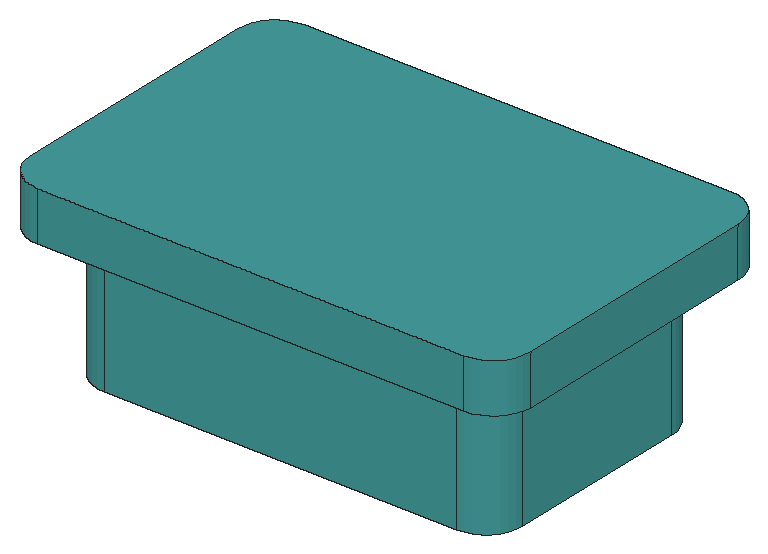
Revit family "HVAC_HangingSystems_Walraven_BIS_Rail_End_Cap", category Mechanical Equipment, Revit 2016
Family settings
  Part Type = Normal
  Round Connector Dimension = Use Diameter
  OmniClass Number = 23.60.30.11.17
  OmniClass Title = Pipework/Ductwork Mechanical Fasteners/Supports
  Work Plane-Based = Yes
  Always vertical = No
  Cut with Voids When Loaded = No
  Shared = No
  Room Calculation Point = No
Parameters (values of type "WM0 (27x18mm)")
  visibility WM35 [instance] = or(type_index = 3)  # no
  visibility WMx [instance] = not(type_index = 3)  # yes
  type_index = 4
  region_index = 1
  r [instance] = 2 mm  # constant formula
  product_index [instance] = if(type_index = 1, 1, if(type_index = 2, 2, if(type_index = 3, 3, 0)))  # 0
  lookup_table_name [instance] = "BIS Rail End Cap"  # constant formula
  desc_uk [instance] = size_lookup("BIS Rail End Cap name", "", "0", type_index, 1)  # "BIS Rail End Cap WM0 (27x18mm)"
  desc_nl [instance] = size_lookup("BIS Rail End Cap name", "", "0", type_index, 2)  # "BIS Raileinddop WM0 (27x18mm)"
  Youtube clip = ""
  Weight Net (Kg) = "0"
  Uniformat II Description = ""
  Uniformat II Code = ""
  Uniclass 2015 Name = ""
  Uniclass 2015 Code = ""
  Uniclass 2.0 Description = ""
  Uniclass 2.0 Code = ""
  Uniclass 1.4 Description = ""
  Uniclass 1.4 Code = ""
  URL = "https://www.walraven.com/en/?pid=285"
  UNSPSC Code = ""
  Technical description = "https://library.walraven.com/repository/rnd/documents/EN-UK/BIS%20Rail%20End%20Cap%20-%20G%2045%2005%20(EN-UK).pdf"
  Region South America = "None"
  Region Oceania = "AU"
  Region North America = "US"
  Region Middle East = "AE, OM, QA, SA"
  Region Europe = "BE, CZ, DE, DK, ES, FR, GB, HR, HU, LT, LV, NL, PL, RO, RU, SE, SK, UA"
  Region Asia = "CN, IN"
  Region Antarctica = "None"
  Region Africa = "ZA"
  RSen_S_net_weight [instance] = size_lookup(lookup_table_name, "weight", 0, type_index) * 1.00 kg  # 0.0055 kg
  RSen_C_product_description [instance] = if(region_index = 1, desc_uk, if(region_index = 2, desc_nl, "0"))  # "BIS Rail End Cap WM0 (27x18mm)"
  RSen_C_level_of_development = "LOD400"  # constant formula
  RSen_C_material_colour = "green"  # constant formula
  RSen_C_material_finish = "-"  # constant formula
  RSen_C_material = polyethylene (PE)
  RSen_C_length [instance] = size_lookup(lookup_table_name, "l", 0 mm, type_index)  # 27 mm
  RSen_C_content_releasedate = "22-02-2018"  # constant formula
  RSen_C_content_modification_date = "15-01-2019"  # constant formula
  RSen_C_content_creator = "Itannex bv"  # constant formula
  RSen_C_code_gtin [instance] = ""
  RSen_C_code_manufacturer_product [instance] = size_lookup(lookup_table_name, "", "0", type_index)  # "6566000"
  RSen_C_code_manufacturer_gln = ""
  RSen_C_code_ETIM_url = "https://prod.etim-international.com/Class/Details?classId=EC000475&classVersion=7"
  RSen_C_code_ETIM = "EC000475"  # constant formula
  RSen_C_intended_use = "hanging systems"  # constant formula
  RSen_C_certificates = "N/A"  # constant formula
  RSen_C_width [instance] = size_lookup(lookup_table_name, "b", 0 mm, type_index)  # 18 mm
  QR code = "http://bimobject.com/walraven/product/bis-rail-end-cap"
  Product url = "https://www.walraven.com/en/?pid=285"
  Product group = "End Caps"
  Product family = "Rail Systems"
  Product data url = "https://bimobject.com/walraven/product/bis-rail-end-cap"
  Product certification = ""
  Product SKU = "bis-rail-end-cap"
  Product Guid = "bbd2fa3c-0bff-439e-94bb-7e42f8bab402"
  OmniClass Description = "Mechanical Pipe Supports"
  OmniClass Code = "23-27 43 13"
  Nominal width = 0 mm
  Nominal height = 0 mm
  NBS Reference Description = ""
  NBS Reference Code = ""
  Model = "BIS Rail End Cap"  # constant formula
  Material secondary = ""
  Material main = "Polyethylene"
  Masterformat 2014 Description = ""
  Masterformat 2014 Code = ""
  Manufacturer name = "Walraven"
  Manufacturer country = "Netherlands"
  Manufacturer = "Walraven"  # constant formula
  IsCustom [instance] = 0 = 1  # no
  Installation instructions = ""
  IfcExportType = "USERDEFINED"  # constant formula
  IfcExportAs = "IfcMechanicalFastenerType"  # constant formula
  IfcDescription = Description  # "rail end cap"
  IFC Classification = "Mechanical Fastener"
  GTIN code = ""
  Edition number = 0
  Design country = "Netherlands"
  Description = "rail end cap"  # constant formula
  Default Elevation = 1219.2 mm
  Date of publishing = "7/20/2018"
  COBIe Type Category = ""
  Brand url = "https://www.walraven.com"
  BIMobject main category code = "hvac"
  BIMobject main category = "HVAC"
  BIMobject category code = "hvac-hanging-systems"
  BIMobject category = "Hanging Systems"
  Assembly Code = "50"
Types (6, lengths in mm): name | visibility WM35 | visibility WMx | type_index | product_index | desc_uk | desc_nl | RSen_S_net_weight | RSen_C_product_description | RSen_C_length | RSen_C_code_manufacturer_product | RSen_C_width
  WM35 (38x40mm) | yes | no | 3 | 3 | "BIS Rail End Cap WM35 (38x40mm)" | "BIS Raileinddop WM35 (38x40mm)" | 0.008 kg | "BIS Rail End Cap WM35 (38x40mm)" | 38 | "6566035" | 40
  WM2 (30x30mm) | no | yes | 2 | 2 | "BIS Rail End Cap WM2 (30x30mm)" | "BIS Raileinddop WM2 (30x30mm)" | 0.006 kg | "BIS Rail End Cap WM2 (30x30mm)" | 30 | "6566002" | 30
  WM1 (30x15mm) | no | yes | 1 | 1 | "BIS Rail End Cap WM1 (30x15mm)" | "BIS Raileinddop WM1 (30x15mm)" | 0.0025 kg | "BIS Rail End Cap WM1 (30x15mm)" | 30 | "6566001" | 15
  WM0 (27x18mm) | no | yes | 4 | 0 | "BIS Rail End Cap WM0 (27x18mm)" | "BIS Raileinddop WM0 (27x18mm)" | 0.0055 kg | "BIS Rail End Cap WM0 (27x18mm)" | 27 | "6566000" | 18
  WM30 (30x45mm) | no | yes | 5 | 0 | "BIS Rail End Cap WM30 (30x45mm)" | "BIS Raileinddop WM30 (30x45mm)" | 0.0081 kg | "BIS Rail End Cap WM30 (30x45mm)" | 45 | "6566030" | 30
  WM15 (30x20mm) | no | yes | 6 | 0 | "BIS Rail End Cap WM15 (30x20mm)" | "BIS Raileinddop WM15 (30x20mm)" | 0.0055 kg | "BIS Rail End Cap WM15 (30x20mm)" | 27 | "6566000" | 18
Reference planes
  plane 1 "Center (Front/Back)": y = 0
  plane 2: z = 0
  plane 3 "Center (Left/Right)": x = 0
  plane 4: z = 2.685
  plane 5: z = -7.315
  plane 6: y = 15
  plane 7: y = 30
  plane 8: y = 13
  plane 9: x = -19
  plane 10: x = 19
  plane 11: y = 40
  plane 12: x = -17
  plane 13: x = 17
  plane 14: y = 38
Forms (mm)
  Extrusion 1, solid, material "polyethylene (PE)" <- "RSen_C_material", visible <- "visibility WMx", detail levels medium+fine
    sketch origin (0, 0, 0) x (1, 0, 0) y (0, 1, 0)
      loop
        arc (-11.5, 18) -> (-12.914, 17.414) -> (-13.5, 16) r 2
        line (-13.5, 16) -> (-13.5, 2)
        arc (-13.5, 2) -> (-12.914, 0.586) -> (-11.5, 0) r 2
        line (-11.5, 0) -> (11.5, 0)
        arc (11.5, 0) -> (12.914, 0.586) -> (13.5, 2) r 2
        line (13.5, 2) -> (13.5, 16)
        arc (13.5, 16) -> (12.914, 17.414) -> (11.5, 18) r 2
        line (11.5, 18) -> (-11.5, 18)
    from 2.685 to 0
  Extrusion 2, solid, material "polyethylene (PE)" <- "RSen_C_material", visible <- "visibility WMx", detail levels medium+fine
    sketch origin (0, 0, -8) x (0, -1, 0) y (1, 0, 0)
      loop
        line (-14, -11.5) -> (-4, -11.5)
        arc (-4, -11.5) -> (-2.586, -10.914) -> (-2, -9.5) r 2
        line (-2, -9.5) -> (-2, 9.5)
        arc (-2, 9.5) -> (-2.586, 10.914) -> (-4, 11.5) r 2
        line (-4, 11.5) -> (-14, 11.5)
        arc (-14, 11.5) -> (-15.414, 10.914) -> (-16, 9.5) r 2
        line (-16, 9.5) -> (-16, -9.5)
        arc (-16, -9.5) -> (-15.414, -10.914) -> (-14, -11.5) r 2
    from 0.685 to 8
  Extrusion 3, solid, material "polyethylene (PE)" <- "RSen_C_material", visible <- "visibility WM35", detail levels medium+fine
    sketch origin (0, 0, 0) x (1, 0, 0) y (0, 1, 0)
      loop
        line (-15, 37) -> (-15, 33)
        arc (-15, 33) -> (-15.293, 32.293) -> (-16, 32) r 1
        arc (-16, 32) -> (-18.121, 31.121) -> (-19, 29) r 3
        line (-19, 29) -> (-19, 11)
        arc (-19, 11) -> (-18.121, 8.879) -> (-16, 8) r 3
        arc (-16, 8) -> (-15.293, 7.707) -> (-15, 7) r 1
        line (-15, 7) -> (-15, 3)
        arc (-15, 3) -> (-14.121, 0.879) -> (-12, 0) r 3
        line (-12, 0) -> (12, 0)
        arc (12, 0) -> (14.121, 0.879) -> (15, 3) r 3
        line (15, 3) -> (15, 7)
        arc (15, 7) -> (15.293, 7.707) -> (16, 8) r 1
        arc (16, 8) -> (18.121, 8.879) -> (19, 11) r 3
        line (19, 11) -> (19, 29)
        arc (19, 29) -> (18.121, 31.121) -> (16, 32) r 3
        arc (16, 32) -> (15.293, 32.293) -> (15, 33) r 1
        line (15, 33) -> (15, 37)
        arc (15, 37) -> (14.121, 39.121) -> (12, 40) r 3
        line (12, 40) -> (-12, 40)
        arc (-12, 40) -> (-14.121, 39.121) -> (-15, 37) r 3
    from 0 to 2.685
  Extrusion 4, solid, material "polyethylene (PE)", visible <- "visibility WM35", detail levels medium+fine
    sketch origin (0, 0, 0) x (1, 0, 0) y (0, 1, 0)
      loop
        line (-17, 29) -> (-17, 11)
        arc (-17, 11) -> (-16.707, 10.293) -> (-16, 10) r 1
        line (-16, 10) -> (-13, 10) -> (-13, 3)
        arc (-13, 3) -> (-12.707, 2.293) -> (-12, 2) r 1
        arc (-12, 2) -> (-11.293, 2.293) -> (-11, 3) r 1
        line (-11, 3) -> (-11, 10) -> (11, 10) -> (11, 3)
        arc (11, 3) -> (11.293, 2.293) -> (12, 2) r 1
        arc (12, 2) -> (12.707, 2.293) -> (13, 3) r 1
        line (13, 3) -> (13, 10) -> (16, 10)
        arc (16, 10) -> (16.707, 10.293) -> (17, 11) r 1
        line (17, 11) -> (17, 29)
        arc (17, 29) -> (16.707, 29.707) -> (16, 30) r 1
        line (16, 30) -> (13, 30) -> (13, 37)
        arc (13, 37) -> (12.707, 37.707) -> (12, 38) r 1
        arc (12, 38) -> (11.293, 37.707) -> (11, 37) r 1
        line (11, 37) -> (11, 30) -> (-11, 30) -> (-11, 37)
        arc (-11, 37) -> (-11.293, 37.707) -> (-12, 38) r 1
        arc (-12, 38) -> (-12.707, 37.707) -> (-13, 37) r 1
        line (-13, 37) -> (-13, 30) -> (-16, 30)
        arc (-16, 30) -> (-16.707, 29.707) -> (-17, 29) r 1
    from 0 to -7.315
Dimensions and locks
  locked: plane 4 to level at 2.685
  level to plane 5 = 7.315 mm
  locked: Extrusion 2 sketch curve to Extrusion 1 at 2  (x2)
  locked: plane 1 "Center (Front/Back)" to Extrusion 2 sketch curve at 2
  locked: Extrusion 1 to Extrusion 2 sketch curve at 2
  "RSen_C_length": Extrusion 1 sketch curve to Extrusion 1 sketch curve
  equal spacing: Extrusion 1 sketch curve, plane 3 "Center (Left/Right)", Extrusion 1 sketch curve
  "RSen_C_width": plane 1 "Center (Front/Back)" to Extrusion 1 sketch curve
  plane 6 to plane 1 "Center (Front/Back)" = 15 mm
  plane 7 to plane 1 "Center (Front/Back)" = 30 mm
  plane 1 "Center (Front/Back)" to plane 11 = 40 mm
  equal spacing: plane 9, plane 3 "Center (Left/Right)", plane 10
  plane 3 "Center (Left/Right)" to plane 10 = 19 mm
  plane 9 to plane 10 = 38 mm
  "r": radius of Extrusion 1 sketch curve  (x4)
  radius of Extrusion 2 sketch curve = 2 mm  (x4)
  aligned and locked: level to plane 2
  aligned and locked: Extrusion 2 to plane 5
  aligned and locked: level to Extrusion 2
  aligned and locked: Extrusion 1 to level
  aligned and locked: plane 4 to Extrusion 1
  aligned and locked: plane 4 to Extrusion 3
  aligned and locked: Extrusion 4 to plane 5
Automatic sketch dimensions
  Extrusion 3 sketch curve to plane 9 = 0 mm
  plane 1 "Center (Front/Back)" to Extrusion 3 sketch curve = 0 mm
  Extrusion 3 sketch curve to plane 11 = 0 mm
  Extrusion 3 sketch curve to plane 10 = 0 mm
  plane 12 to Extrusion 3 sketch curve = 1 mm  (x2)
  Extrusion 3 sketch curve to Extrusion 3 sketch curve = 1 mm  (x4)
  Extrusion 3 sketch curve to Extrusion 3 sketch curve = 3 mm  (x2)
  Extrusion 3 sketch curve to plane 13 = 5 mm  (x2)
  Extrusion 3 sketch curve to plane 13 = 2 mm
  Extrusion 3 sketch curve to plane 14 = 1 mm
  Extrusion 3 sketch curve to plane 13 = 1 mm  (x2)
  Extrusion 3 sketch curve to Extrusion 3 sketch curve = 4 mm  (x2)
  Extrusion 3 sketch curve to plane 8 = 2 mm  (x2)
  Extrusion 3 sketch curve to plane 7 = 1 mm  (x2)
  Extrusion 4 sketch curve to Extrusion 4 sketch curve = 0 mm  (x10)
  Extrusion 4 sketch curve to plane 12 = 0 mm
  Extrusion 4 sketch curve to plane 7 = 0 mm  (x3)
  Extrusion 4 sketch curve to plane 14 = 0 mm  (x2)
  Extrusion 4 sketch curve to plane 13 = 0 mm
  Extrusion 4 sketch curve to plane 7 = 1 mm  (x2)
  plane 12 to Extrusion 4 sketch curve = 1 mm
  Extrusion 4 sketch curve to Extrusion 4 sketch curve = 3 mm  (x2)
  Extrusion 4 sketch curve to plane 14 = 1 mm  (x2)
  Extrusion 4 sketch curve to Extrusion 4 sketch curve = 1 mm  (x2)
  Extrusion 4 sketch curve to plane 8 = 3 mm
  Extrusion 4 sketch curve to plane 13 = 6 mm  (x2)
  Extrusion 4 sketch curve to plane 13 = 1 mm
  Extrusion 4 sketch curve to plane 1 "Center (Front/Back)" = 3 mm  (x2)
  plane 1 "Center (Front/Back)" to Extrusion 1 sketch curve = 0 mm
